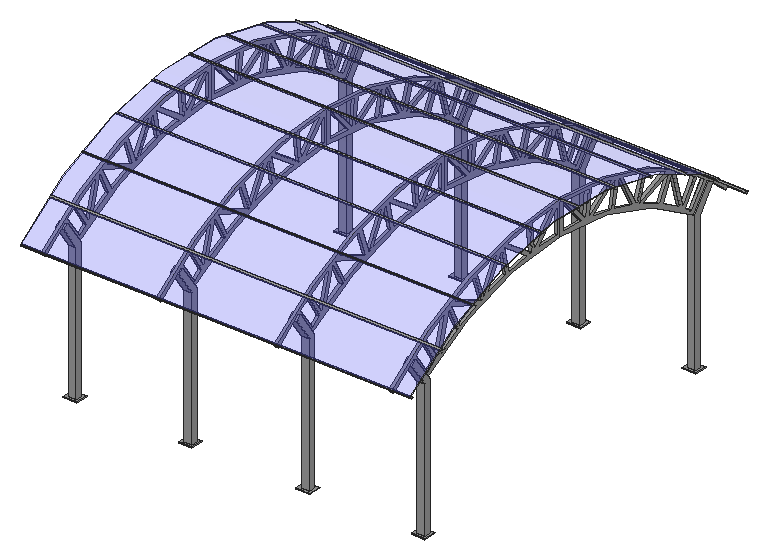
Revit family "Навес Workout Арт 12269", category Антураж, Revit 2018 (continued)
Automatic sketch dimensions
  Extrusion 20 sketch curve to Extrusion 20 sketch curve = 11.94 mm
  Extrusion 20 sketch curve to Extrusion 20 sketch curve = 233.553 mm
  Extrusion 20 sketch curve to Extrusion 20 sketch curve = 42.123 mm
  Extrusion 20 sketch curve to Extrusion 20 sketch curve = 166.426 mm
  Extrusion 20 sketch curve to Extrusion 20 sketch curve = 40.75 mm
  plane 6 to Extrusion 20 sketch curve = 59.059 mm
  plane 6 to Extrusion 20 sketch curve = 23.635 mm
  Extrusion 20 sketch curve to Extrusion 20 sketch curve = 456.727 mm
  Extrusion 20 sketch curve to Extrusion 20 sketch curve = 70.121 mm
  Extrusion 20 sketch curve to Extrusion 20 sketch curve = 80.36 mm
  Extrusion 20 sketch curve to Extrusion 20 sketch curve = 35.424 mm
  Extrusion 20 sketch curve to Extrusion 20 sketch curve = 27.092 mm
  Extrusion 20 sketch curve to Extrusion 20 sketch curve = 38.884 mm
  Extrusion 20 sketch curve to Extrusion 20 sketch curve = 28.976 mm
  Extrusion 20 sketch curve to Extrusion 20 sketch curve = 26.938 mm
  Extrusion 20 sketch curve to Extrusion 20 sketch curve = 22.023 mm
  Extrusion 20 sketch curve to Extrusion 20 sketch curve = 50.245 mm
  Extrusion 21 sketch curve to Extrusion 21 sketch curve = 0 mm  (x98)
  level to Extrusion 21 sketch curve = 1493.063 mm
  plane 1 "По центру (Вперед/Назад)" to Extrusion 21 sketch curve = 3435 mm
  Extrusion 21 sketch curve to Extrusion 21 sketch curve = 50 mm
  plane 5 to Extrusion 21 sketch curve = 86.463 mm
  Extrusion 21 sketch curve to Extrusion 21 sketch curve = 73.239 mm
  plane 5 to Extrusion 21 sketch curve = 537.022 mm
  Extrusion 21 sketch curve to Extrusion 21 sketch curve = 401.938 mm
  plane 5 to Extrusion 21 sketch curve = 544.821 mm
  Extrusion 21 sketch curve to Extrusion 21 sketch curve = 73.67 mm
  plane 5 to Extrusion 21 sketch curve = 117.394 mm
  plane 5 to Extrusion 21 sketch curve = 550.749 mm
  Extrusion 21 sketch curve to Extrusion 21 sketch curve = 49.648 mm
  plane 5 to Extrusion 21 sketch curve = 123.265 mm
  Extrusion 21 sketch curve to Extrusion 21 sketch curve = 49.655 mm
  plane 5 to Extrusion 21 sketch curve = 561.428 mm
  Extrusion 21 sketch curve to Extrusion 21 sketch curve = 79.888 mm
  plane 5 to Extrusion 21 sketch curve = 633.976 mm
  Extrusion 21 sketch curve to Extrusion 21 sketch curve = 389.314 mm
  plane 5 to Extrusion 21 sketch curve = 199.59 mm
  plane 5 to Extrusion 21 sketch curve = 645.486 mm
  Extrusion 21 sketch curve to Extrusion 21 sketch curve = 48.658 mm
  plane 5 to Extrusion 21 sketch curve = 214.251 mm
  Extrusion 21 sketch curve to Extrusion 21 sketch curve = 65.887 mm
  plane 5 to Extrusion 21 sketch curve = 225.673 mm
  Extrusion 21 sketch curve to Extrusion 21 sketch curve = 48.678 mm
  plane 5 to Extrusion 21 sketch curve = 243.222 mm
  Extrusion 21 sketch curve to Extrusion 21 sketch curve = 70.936 mm
  plane 5 to Extrusion 21 sketch curve = 757.143 mm
  plane 5 to Extrusion 21 sketch curve = 781.293 mm
  Extrusion 21 sketch curve to Extrusion 21 sketch curve = 69.964 mm
  plane 5 to Extrusion 21 sketch curve = 798.237 mm
  Extrusion 21 sketch curve to Extrusion 21 sketch curve = 47.042 mm
  plane 5 to Extrusion 21 sketch curve = 824.034 mm
  Extrusion 21 sketch curve to Extrusion 21 sketch curve = 68.739 mm
  plane 5 to Extrusion 21 sketch curve = 374.342 mm
  plane 5 to Extrusion 21 sketch curve = 391.171 mm
  Extrusion 21 sketch curve to Extrusion 21 sketch curve = 47.083 mm
  plane 5 to Extrusion 21 sketch curve = 984.879 mm
  Extrusion 21 sketch curve to Extrusion 21 sketch curve = 44.822 mm
  plane 5 to Extrusion 21 sketch curve = 564.366 mm
  plane 5 to Extrusion 21 sketch curve = 595.68 mm
  Extrusion 21 sketch curve to Extrusion 21 sketch curve = 65.82 mm
  Extrusion 21 sketch curve to Extrusion 21 sketch curve = 44.889 mm
  Extrusion 21 sketch curve to Extrusion 21 sketch curve = 64.95 mm
  Extrusion 21 sketch curve to Extrusion 21 sketch curve = 352.397 mm
  Extrusion 21 sketch curve to Extrusion 21 sketch curve = 62.111 mm
  Extrusion 21 sketch curve to Extrusion 21 sketch curve = 42.025 mm
  Extrusion 21 sketch curve to Extrusion 21 sketch curve = 150.278 mm
  Extrusion 21 sketch curve to Extrusion 21 sketch curve = 11.94 mm
  Extrusion 21 sketch curve to Extrusion 21 sketch curve = 233.553 mm
  Extrusion 21 sketch curve to Extrusion 21 sketch curve = 42.123 mm
  Extrusion 21 sketch curve to Extrusion 21 sketch curve = 166.426 mm
  Extrusion 21 sketch curve to Extrusion 21 sketch curve = 40.75 mm
  plane 1 "По центру (Вперед/Назад)" to Extrusion 21 sketch curve = 59.059 mm
  plane 1 "По центру (Вперед/Назад)" to Extrusion 21 sketch curve = 23.635 mm
  Extrusion 21 sketch curve to Extrusion 21 sketch curve = 456.727 mm
  Extrusion 21 sketch curve to Extrusion 21 sketch curve = 70.121 mm
  Extrusion 21 sketch curve to Extrusion 21 sketch curve = 80.36 mm
  Extrusion 21 sketch curve to Extrusion 21 sketch curve = 35.424 mm
  Extrusion 21 sketch curve to Extrusion 21 sketch curve = 27.092 mm
  Extrusion 21 sketch curve to Extrusion 21 sketch curve = 38.884 mm
  Extrusion 21 sketch curve to Extrusion 21 sketch curve = 28.976 mm
  Extrusion 21 sketch curve to Extrusion 21 sketch curve = 26.938 mm
  Extrusion 21 sketch curve to Extrusion 21 sketch curve = 22.023 mm
  Extrusion 21 sketch curve to Extrusion 21 sketch curve = 50.245 mm
  Extrusion 22 sketch curve to Extrusion 22 sketch curve = 0 mm  (x98)
  level to Extrusion 22 sketch curve = 1493.063 mm
  plane 1 "По центру (Вперед/Назад)" to Extrusion 22 sketch curve = 3435 mm
  Extrusion 22 sketch curve to Extrusion 22 sketch curve = 50 mm
  plane 5 to Extrusion 22 sketch curve = 86.463 mm
  Extrusion 22 sketch curve to Extrusion 22 sketch curve = 73.239 mm
  plane 5 to Extrusion 22 sketch curve = 537.022 mm
  Extrusion 22 sketch curve to Extrusion 22 sketch curve = 401.938 mm
  plane 5 to Extrusion 22 sketch curve = 544.821 mm
  Extrusion 22 sketch curve to Extrusion 22 sketch curve = 73.67 mm
  plane 5 to Extrusion 22 sketch curve = 117.394 mm
  plane 5 to Extrusion 22 sketch curve = 550.749 mm
  Extrusion 22 sketch curve to Extrusion 22 sketch curve = 49.648 mm
  plane 5 to Extrusion 22 sketch curve = 123.265 mm
  Extrusion 22 sketch curve to Extrusion 22 sketch curve = 49.655 mm
  plane 5 to Extrusion 22 sketch curve = 561.428 mm
  Extrusion 22 sketch curve to Extrusion 22 sketch curve = 79.888 mm
  plane 5 to Extrusion 22 sketch curve = 633.976 mm
  Extrusion 22 sketch curve to Extrusion 22 sketch curve = 389.314 mm
  plane 5 to Extrusion 22 sketch curve = 199.59 mm
  plane 5 to Extrusion 22 sketch curve = 645.486 mm
  Extrusion 22 sketch curve to Extrusion 22 sketch curve = 48.658 mm
  plane 5 to Extrusion 22 sketch curve = 214.251 mm
  Extrusion 22 sketch curve to Extrusion 22 sketch curve = 65.887 mm
  plane 5 to Extrusion 22 sketch curve = 225.673 mm
  Extrusion 22 sketch curve to Extrusion 22 sketch curve = 48.678 mm
  plane 5 to Extrusion 22 sketch curve = 243.222 mm
  Extrusion 22 sketch curve to Extrusion 22 sketch curve = 70.936 mm
  plane 5 to Extrusion 22 sketch curve = 757.143 mm
  plane 5 to Extrusion 22 sketch curve = 781.293 mm
  Extrusion 22 sketch curve to Extrusion 22 sketch curve = 69.964 mm
  plane 5 to Extrusion 22 sketch curve = 798.237 mm
  Extrusion 22 sketch curve to Extrusion 22 sketch curve = 47.042 mm
  plane 5 to Extrusion 22 sketch curve = 824.034 mm
  Extrusion 22 sketch curve to Extrusion 22 sketch curve = 68.739 mm
  plane 5 to Extrusion 22 sketch curve = 374.342 mm
  plane 5 to Extrusion 22 sketch curve = 391.171 mm
  Extrusion 22 sketch curve to Extrusion 22 sketch curve = 47.083 mm
  plane 5 to Extrusion 22 sketch curve = 984.879 mm
  Extrusion 22 sketch curve to Extrusion 22 sketch curve = 44.822 mm
  plane 5 to Extrusion 22 sketch curve = 564.366 mm
  plane 5 to Extrusion 22 sketch curve = 595.68 mm
  Extrusion 22 sketch curve to Extrusion 22 sketch curve = 65.82 mm
  Extrusion 22 sketch curve to Extrusion 22 sketch curve = 44.889 mm
  Extrusion 22 sketch curve to Extrusion 22 sketch curve = 64.95 mm
  Extrusion 22 sketch curve to Extrusion 22 sketch curve = 352.397 mm
  Extrusion 22 sketch curve to Extrusion 22 sketch curve = 62.111 mm
  Extrusion 22 sketch curve to Extrusion 22 sketch curve = 42.025 mm
  Extrusion 22 sketch curve to Extrusion 22 sketch curve = 150.278 mm
  Extrusion 22 sketch curve to Extrusion 22 sketch curve = 11.94 mm
  Extrusion 22 sketch curve to Extrusion 22 sketch curve = 233.553 mm
  Extrusion 22 sketch curve to Extrusion 22 sketch curve = 42.123 mm
  Extrusion 22 sketch curve to Extrusion 22 sketch curve = 166.426 mm
  Extrusion 22 sketch curve to Extrusion 22 sketch curve = 40.75 mm
  plane 1 "По центру (Вперед/Назад)" to Extrusion 22 sketch curve = 59.059 mm
  plane 1 "По центру (Вперед/Назад)" to Extrusion 22 sketch curve = 23.635 mm
  Extrusion 22 sketch curve to Extrusion 22 sketch curve = 456.727 mm
  Extrusion 22 sketch curve to Extrusion 22 sketch curve = 70.121 mm
  Extrusion 22 sketch curve to Extrusion 22 sketch curve = 80.36 mm
  Extrusion 22 sketch curve to Extrusion 22 sketch curve = 35.424 mm
  Extrusion 22 sketch curve to Extrusion 22 sketch curve = 27.092 mm
  Extrusion 22 sketch curve to Extrusion 22 sketch curve = 38.884 mm
  Extrusion 22 sketch curve to Extrusion 22 sketch curve = 28.976 mm
  Extrusion 22 sketch curve to Extrusion 22 sketch curve = 26.938 mm
  Extrusion 22 sketch curve to Extrusion 22 sketch curve = 22.023 mm
  Extrusion 22 sketch curve to Extrusion 22 sketch curve = 50.245 mm
  Extrusion 23 sketch curve to Extrusion 23 sketch curve = 0 mm  (x98)
  level to Extrusion 23 sketch curve = 1493.063 mm
  plane 1 "По центру (Вперед/Назад)" to Extrusion 23 sketch curve = 3435 mm
  Extrusion 23 sketch curve to Extrusion 23 sketch curve = 50 mm
  plane 5 to Extrusion 23 sketch curve = 86.463 mm
  Extrusion 23 sketch curve to Extrusion 23 sketch curve = 73.239 mm
  plane 5 to Extrusion 23 sketch curve = 537.022 mm
  Extrusion 23 sketch curve to Extrusion 23 sketch curve = 401.938 mm
  plane 5 to Extrusion 23 sketch curve = 544.821 mm
  Extrusion 23 sketch curve to Extrusion 23 sketch curve = 73.67 mm
  plane 5 to Extrusion 23 sketch curve = 117.394 mm
  plane 5 to Extrusion 23 sketch curve = 550.749 mm
  Extrusion 23 sketch curve to Extrusion 23 sketch curve = 49.648 mm
  plane 5 to Extrusion 23 sketch curve = 123.265 mm
  Extrusion 23 sketch curve to Extrusion 23 sketch curve = 49.655 mm
  plane 5 to Extrusion 23 sketch curve = 561.428 mm
  Extrusion 23 sketch curve to Extrusion 23 sketch curve = 79.888 mm
  plane 5 to Extrusion 23 sketch curve = 633.976 mm
  Extrusion 23 sketch curve to Extrusion 23 sketch curve = 389.314 mm
  plane 5 to Extrusion 23 sketch curve = 199.59 mm
  plane 5 to Extrusion 23 sketch curve = 645.486 mm
  Extrusion 23 sketch curve to Extrusion 23 sketch curve = 48.658 mm
  plane 5 to Extrusion 23 sketch curve = 214.251 mm
  Extrusion 23 sketch curve to Extrusion 23 sketch curve = 65.887 mm
  plane 5 to Extrusion 23 sketch curve = 225.673 mm
  Extrusion 23 sketch curve to Extrusion 23 sketch curve = 48.678 mm
  plane 5 to Extrusion 23 sketch curve = 243.222 mm
  Extrusion 23 sketch curve to Extrusion 23 sketch curve = 70.936 mm
  plane 5 to Extrusion 23 sketch curve = 757.143 mm
  plane 5 to Extrusion 23 sketch curve = 781.293 mm
  Extrusion 23 sketch curve to Extrusion 23 sketch curve = 69.964 mm
  plane 5 to Extrusion 23 sketch curve = 798.237 mm
  Extrusion 23 sketch curve to Extrusion 23 sketch curve = 47.042 mm
  plane 5 to Extrusion 23 sketch curve = 824.034 mm
  Extrusion 23 sketch curve to Extrusion 23 sketch curve = 68.739 mm
  plane 5 to Extrusion 23 sketch curve = 374.342 mm
  plane 5 to Extrusion 23 sketch curve = 391.171 mm
  Extrusion 23 sketch curve to Extrusion 23 sketch curve = 47.083 mm
  plane 5 to Extrusion 23 sketch curve = 984.879 mm
  Extrusion 23 sketch curve to Extrusion 23 sketch curve = 44.822 mm
  plane 5 to Extrusion 23 sketch curve = 564.366 mm
  plane 5 to Extrusion 23 sketch curve = 595.68 mm
  Extrusion 23 sketch curve to Extrusion 23 sketch curve = 65.82 mm
  Extrusion 23 sketch curve to Extrusion 23 sketch curve = 44.889 mm
  Extrusion 23 sketch curve to Extrusion 23 sketch curve = 64.95 mm
  Extrusion 23 sketch curve to Extrusion 23 sketch curve = 352.397 mm
  Extrusion 23 sketch curve to Extrusion 23 sketch curve = 62.111 mm
  Extrusion 23 sketch curve to Extrusion 23 sketch curve = 42.025 mm
  Extrusion 23 sketch curve to Extrusion 23 sketch curve = 150.278 mm
  Extrusion 23 sketch curve to Extrusion 23 sketch curve = 11.94 mm
  Extrusion 23 sketch curve to Extrusion 23 sketch curve = 233.553 mm
  Extrusion 23 sketch curve to Extrusion 23 sketch curve = 42.123 mm
  Extrusion 23 sketch curve to Extrusion 23 sketch curve = 166.426 mm
  Extrusion 23 sketch curve to Extrusion 23 sketch curve = 40.75 mm
  plane 1 "По центру (Вперед/Назад)" to Extrusion 23 sketch curve = 59.059 mm
  plane 1 "По центру (Вперед/Назад)" to Extrusion 23 sketch curve = 23.635 mm
  Extrusion 23 sketch curve to Extrusion 23 sketch curve = 456.727 mm
  Extrusion 23 sketch curve to Extrusion 23 sketch curve = 70.121 mm
  Extrusion 23 sketch curve to Extrusion 23 sketch curve = 80.36 mm
  Extrusion 23 sketch curve to Extrusion 23 sketch curve = 35.424 mm
  Extrusion 23 sketch curve to Extrusion 23 sketch curve = 27.092 mm
  Extrusion 23 sketch curve to Extrusion 23 sketch curve = 38.884 mm
  Extrusion 23 sketch curve to Extrusion 23 sketch curve = 28.976 mm
  Extrusion 23 sketch curve to Extrusion 23 sketch curve = 26.938 mm
  Extrusion 23 sketch curve to Extrusion 23 sketch curve = 22.023 mm
  Extrusion 23 sketch curve to Extrusion 23 sketch curve = 50.245 mm
  Extrusion 24 sketch curve to Extrusion 24 sketch curve = 0 mm  (x98)
  level to Extrusion 24 sketch curve = 1493.063 mm
  plane 1 "По центру (Вперед/Назад)" to Extrusion 24 sketch curve = 3435 mm
  Extrusion 24 sketch curve to Extrusion 24 sketch curve = 50 mm
  plane 5 to Extrusion 24 sketch curve = 86.463 mm
  Extrusion 24 sketch curve to Extrusion 24 sketch curve = 73.239 mm
  plane 5 to Extrusion 24 sketch curve = 537.022 mm
  Extrusion 24 sketch curve to Extrusion 24 sketch curve = 401.938 mm
  plane 5 to Extrusion 24 sketch curve = 544.821 mm
  Extrusion 24 sketch curve to Extrusion 24 sketch curve = 73.67 mm
  plane 5 to Extrusion 24 sketch curve = 117.394 mm
  plane 5 to Extrusion 24 sketch curve = 550.749 mm
  Extrusion 24 sketch curve to Extrusion 24 sketch curve = 49.648 mm
  plane 5 to Extrusion 24 sketch curve = 123.265 mm
  Extrusion 24 sketch curve to Extrusion 24 sketch curve = 49.655 mm
  plane 5 to Extrusion 24 sketch curve = 561.428 mm
  Extrusion 24 sketch curve to Extrusion 24 sketch curve = 79.888 mm
  plane 5 to Extrusion 24 sketch curve = 633.976 mm
  Extrusion 24 sketch curve to Extrusion 24 sketch curve = 389.314 mm
  plane 5 to Extrusion 24 sketch curve = 199.59 mm
  plane 5 to Extrusion 24 sketch curve = 645.486 mm
  Extrusion 24 sketch curve to Extrusion 24 sketch curve = 48.658 mm
  plane 5 to Extrusion 24 sketch curve = 214.251 mm
  Extrusion 24 sketch curve to Extrusion 24 sketch curve = 65.887 mm
  plane 5 to Extrusion 24 sketch curve = 225.673 mm
  Extrusion 24 sketch curve to Extrusion 24 sketch curve = 48.678 mm
  plane 5 to Extrusion 24 sketch curve = 243.222 mm
  Extrusion 24 sketch curve to Extrusion 24 sketch curve = 70.936 mm
  plane 5 to Extrusion 24 sketch curve = 757.143 mm
  plane 5 to Extrusion 24 sketch curve = 781.293 mm
  Extrusion 24 sketch curve to Extrusion 24 sketch curve = 69.964 mm
  plane 5 to Extrusion 24 sketch curve = 798.237 mm
  Extrusion 24 sketch curve to Extrusion 24 sketch curve = 47.042 mm
  plane 5 to Extrusion 24 sketch curve = 824.034 mm
  Extrusion 24 sketch curve to Extrusion 24 sketch curve = 68.739 mm
  plane 5 to Extrusion 24 sketch curve = 374.342 mm
  plane 5 to Extrusion 24 sketch curve = 391.171 mm
  Extrusion 24 sketch curve to Extrusion 24 sketch curve = 47.083 mm
  plane 5 to Extrusion 24 sketch curve = 984.879 mm
  Extrusion 24 sketch curve to Extrusion 24 sketch curve = 44.822 mm
  plane 5 to Extrusion 24 sketch curve = 564.366 mm
  plane 5 to Extrusion 24 sketch curve = 595.68 mm
  Extrusion 24 sketch curve to Extrusion 24 sketch curve = 65.82 mm
  Extrusion 24 sketch curve to Extrusion 24 sketch curve = 44.889 mm
  Extrusion 24 sketch curve to Extrusion 24 sketch curve = 64.95 mm
  Extrusion 24 sketch curve to Extrusion 24 sketch curve = 352.397 mm
  Extrusion 24 sketch curve to Extrusion 24 sketch curve = 62.111 mm
  Extrusion 24 sketch curve to Extrusion 24 sketch curve = 42.025 mm
  Extrusion 24 sketch curve to Extrusion 24 sketch curve = 150.278 mm
  Extrusion 24 sketch curve to Extrusion 24 sketch curve = 11.94 mm
  Extrusion 24 sketch curve to Extrusion 24 sketch curve = 233.553 mm
  Extrusion 24 sketch curve to Extrusion 24 sketch curve = 42.123 mm
  Extrusion 24 sketch curve to Extrusion 24 sketch curve = 166.426 mm
  Extrusion 24 sketch curve to Extrusion 24 sketch curve = 40.75 mm
  plane 1 "По центру (Вперед/Назад)" to Extrusion 24 sketch curve = 59.059 mm
  plane 1 "По центру (Вперед/Назад)" to Extrusion 24 sketch curve = 23.635 mm
  Extrusion 24 sketch curve to Extrusion 24 sketch curve = 456.727 mm
  Extrusion 24 sketch curve to Extrusion 24 sketch curve = 70.121 mm
  Extrusion 24 sketch curve to Extrusion 24 sketch curve = 80.36 mm
  Extrusion 24 sketch curve to Extrusion 24 sketch curve = 35.424 mm
  Extrusion 24 sketch curve to Extrusion 24 sketch curve = 27.092 mm
  Extrusion 24 sketch curve to Extrusion 24 sketch curve = 38.884 mm
  Extrusion 24 sketch curve to Extrusion 24 sketch curve = 28.976 mm
  Extrusion 24 sketch curve to Extrusion 24 sketch curve = 26.938 mm
  Extrusion 24 sketch curve to Extrusion 24 sketch curve = 22.023 mm
  Extrusion 24 sketch curve to Extrusion 24 sketch curve = 50.245 mm
  plane 3 "По центру (Влево/Вправо)" to Extrusion 25 sketch curve = 225 mm
  Extrusion 25 sketch curve to Extrusion 25 sketch curve = 225 mm
  plane 6 to Extrusion 25 sketch curve = 786.05 mm
  Extrusion 25 sketch curve to Extrusion 25 sketch curve = 200 mm
  plane 6 to Extrusion 26 sketch curve = 786.05 mm
  plane 3 "По центру (Влево/Вправо)" to Extrusion 26 sketch curve = 2100 mm
  Extrusion 26 sketch curve to Extrusion 26 sketch curve = 225 mm
  Extrusion 26 sketch curve to Extrusion 26 sketch curve = 200 mm
  plane 6 to Extrusion 27 sketch curve = 786.05 mm
  Extrusion 27 sketch curve to plane 4 = 2325 mm
  Extrusion 27 sketch curve to Extrusion 27 sketch curve = 225 mm
  Extrusion 27 sketch curve to Extrusion 27 sketch curve = 200 mm
  Extrusion 28 sketch curve to plane 4 = 450 mm
  Extrusion 28 sketch curve to plane 4 = 225 mm
  plane 6 to Extrusion 28 sketch curve = 786.05 mm
  Extrusion 28 sketch curve to Extrusion 28 sketch curve = 200 mm
  Extrusion 29 sketch curve to plane 3 "По центру (Влево/Вправо)" = 225 mm
  Extrusion 29 sketch curve to Extrusion 29 sketch curve = 225 mm
  plane 1 "По центру (Вперед/Назад)" to Extrusion 29 sketch curve = 786.05 mm
  Extrusion 29 sketch curve to Extrusion 29 sketch curve = 200 mm
  plane 1 "По центру (Вперед/Назад)" to Extrusion 30 sketch curve = 786.05 mm
  Extrusion 30 sketch curve to plane 3 "По центру (Влево/Вправо)" = 2100 mm
  Extrusion 30 sketch curve to Extrusion 30 sketch curve = 225 mm
  Extrusion 30 sketch curve to Extrusion 30 sketch curve = 200 mm
  plane 1 "По центру (Вперед/Назад)" to Extrusion 31 sketch curve = 786.05 mm
  plane 4 to Extrusion 31 sketch curve = 2325 mm
  Extrusion 31 sketch curve to Extrusion 31 sketch curve = 225 mm
  Extrusion 31 sketch curve to Extrusion 31 sketch curve = 200 mm
  plane 4 to Extrusion 32 sketch curve = 450 mm
  Extrusion 32 sketch curve to Extrusion 32 sketch curve = 225 mm
  plane 1 "По центру (Вперед/Назад)" to Extrusion 32 sketch curve = 786.05 mm
  Extrusion 32 sketch curve to Extrusion 32 sketch curve = 200 mm
